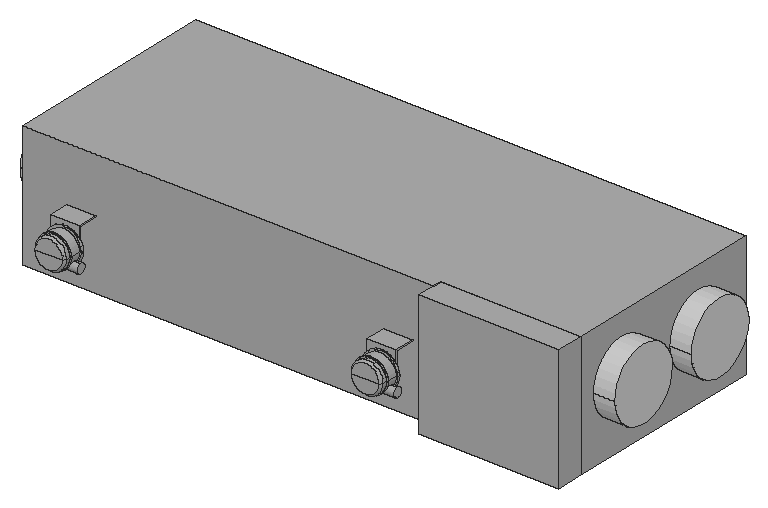
Revit family "BLAUBERG-KOMFORT_EC_DBE_300_Right", category Mechanical Equipment, Revit 2019
Family settings
  Round Connector Dimension = Use Diameter
  Classification = None
  Part Type = Normal
  OmniClass Number = 23.75.35.14
  OmniClass Title = Air Handling Units
  Work Plane-Based = No
  Always vertical = Yes
  Cut with Voids When Loaded = No
  Shared = No
  Room Calculation Point = No
Parameters (values of type "KOMFORT EC DBE 300 R S21")
  Weight = 44.00 kg
  LDrainCon = 28 mm
  Heater power = 1500 W
  Maximum Unit Power Without Electric Heater = 180 W
  Maximum Unit Current Without Electric Heater = 1.4 A
  Maximum Unit Current With Electric Heater = 7.9 A
  Heat Exchanger Material = "polystyrene"
  LDuctCon = 50 mm  # constant formula
  HDrainCon = 31 mm
  H = 280 mm
  Front Maintenance Zone Width = H  # 280 mm
  Front Maintenance Zone Length = L  # 1238 mm
  ElBoxB1 = 22 mm
  ElBoxB = 62 mm
  ElBoxL = 315 mm
  DrainPipe = yes
  DrainD = if(Drain Connection Diameter = 0 mm, 1 mm, Drain Connection Diameter)  # 14 mm
  Drain Flow [instance] = 0.0 L/s
  Drain Connection Diameter = 14 mm
  LDrainCon2 = 440 mm
  LDrainCon1 = 280 mm
  DPS_H = 174 mm
  DPS_L2 = 394 mm
  DPS_L1 = 132 mm
  B2 = 135 mm
  Air Flow Factor [instance] = 1  # constant formula
  B1 = 135 mm
  Air Flow Exhaust [instance] = 0 m³/h
  L = 1238 mm
  Voltage = 230 V
  URL = "https://blaubergventilatoren.de/en/product/komfort-ec-dbe-300-r-s21"
  Type Comments = "Air Handling Unit KOMFORT EC DBE 300 R S21"
  Transported Air Temperature (°C) = "-25…+40"
  Supply Air Filter = "G4 (F7 option)"
  Sound Pressure Level at 3 m (dBA) = 27
  SEC Class = "A"
  RPM (min-1) = 3270
  Power Factor = 1
  Power = Maximum Unit Power Without Electric Heater + Heater power  # 1680 W
  Number of Poles = 1
  Model = "KOMFORT EC DBE 300 R S21"
  Maximum Air Flow = 340 m³/h
  Manufacturer = "Blauberg"
  Maintenance Zone Material = Maintenance Zone
  Front Maintenance Zone Height = 500 mm
  Maintenance Zone [instance] = no
  Load Classification = HVAC
  B = 485 mm
  Heat recovery efficiency (%) = "72..90"
  Heat Exchanger Type = "counter-flow"
  H1 = 128 mm
  Metal Material = Metal Zinc
  Family Version = "1.0"  # constant formula
  Extract Air Filter = "G4"
  Duct Connection Diameter = 160 mm
  Description = "Air Handling Unit"
  D = Duct Connection Diameter  # 160 mm
  Current = Maximum Unit Current With Electric Heater  # 7.9 A
  Copyright = "©Blauberg"
  Casing Material = Painted Steel Gray
  Apparent Power [instance] = Power / Power Factor  # 1680 VA
  Air Flow Supply [instance] = 0 m³/h
Types (2, lengths in mm): name | Heat Exchanger Material | DrainPipe | DrainD | Drain Connection Diameter | URL | Type Comments | Model | Heat recovery efficiency (%)
  KOMFORT EC DBE 300 R S21 | "polystyrene" | yes | 14 | 14 | "https://blaubergventilatoren.de/en/product/komfort-ec-dbe-300-r-s21" | "Air Handling Unit KOMFORT EC DBE 300 R S21" | "KOMFORT EC DBE 300 R S21" | "72..90"
  KOMFORT EC DBE 300-E R S21 | "enthalpy" | no | 1 | 0 | "https://blaubergventilatoren.de/en/product/komfort-ec-dbe-300-e-r-s21" | "Air Handling Unit KOMFORT EC DBE 300-E R S21" | "KOMFORT EC DBE 300-E R S21" | "69..87"
Reference planes
  plane 1 "Center (Front/Back)": y = 0
  plane 2: z = 0
  plane 3 "Center (Left/Right)": x = 0
  plane 4 "Back": y = 242.5
  plane 5 "Front": y = -242.5
  plane 6 "L": x = -619
  plane 7 "R": x = 619
  plane 8 "DuctConB2": y = 107.5
  plane 9 "DuctConB1": y = -107.5
  plane 10: x = -669
  plane 11: x = 669
  plane 12 "Top": z = 128
  plane 13 "Bottom": z = -152
  plane 14 "DrainConH": z = -121
  plane 15 "DrainConL1": x = -339
  plane 16 "DrainConL2": x = 179
  plane 17 "S": y = 270.5
  plane 18 "ElBox": y = -220.5
  plane 19: y = -282.5
  plane 20: x = 304
  plane 21 "DPSL1": x = 225
  plane 22 "DPSL2": x = -487
  plane 23 "DPS_H": z = -46
Forms (mm)
  Extrusion 1, solid, material "Painted Steel Gray" <- "Casing Material", detail levels medium+fine
    sketch origin (0, 0, 0) x (1, 0, 0) y (0, 1, 0)
      loop
        line (-619, 242.5) -> (-619, -242.5) -> (304, -242.5) -> (304, -220.5) -> (619, -220.5) -> (619, 242.5) -> (-619, 242.5)
    from -152 to 128
  Extrusion 2, solid, material "Metal Zinc" <- "Metal Material", detail levels medium+fine
    sketch origin (-619, 0, 0) x (0, 1, 0) y (0, 0, 1)
      loop
        circle (107.5, 0) r 80
      loop
        circle (-107.5, 0) r 80
    from 0 to -50
  Extrusion 3, solid, material "Metal Zinc" <- "Metal Material", detail levels medium+fine
    sketch origin (619, 0, 0) x (0, 1, 0) y (0, 0, 1)
      loop
        circle (107.5, 0) r 80
      loop
        circle (-107.5, 0) r 80
    from 0 to 50
  Extrusion 4, solid, visible <- "DrainPipe", detail levels medium+fine
    sketch origin (0, 242.5, 0) x (-1, 0, 0) y (0, 0, 1)
      loop
        circle (339, -121) r 7
    from 0 to 28
  Extrusion 5, solid, visible <- "DrainPipe", detail levels medium+fine
    sketch origin (0, 242.5, 0) x (-1, 0, 0) y (0, 0, 1)
      loop
        circle (-179, -121) r 7
    from 0 to 28
  Extrusion 6, solid, material "Painted Steel Gray" <- "Casing Material", detail levels medium+fine
    sketch origin (0, 0, 0) x (1, 0, 0) y (0, 1, 0)
      loop
        line (304, -282.5) -> (619, -282.5) -> (619, -220.5) -> (304, -220.5) -> (304, -282.5)
    from -152 to 128
Lines and regions (mm)
  model lines, detail levels coarse
    curve 1: line (-619, 242.5, 0) -> (619, 242.5, 0)
    curve 2: line (-619, -242.5, 0) -> (-619, 242.5, 0)
    curve 3: line (619, -242.5, 0) -> (-619, -242.5, 0)
    curve 4: line (619, 242.5, 0) -> (619, -242.5, 0)
    curve 5: line (-619, 107.5, 0) -> (-669, 107.5, 0)
    curve 6: line (-619, -107.5, 0) -> (-669, -107.5, 0)
    curve 7: line (619, -107.5, 0) -> (669, -107.5, 0)
    curve 8: line (619, 107.5, 0) -> (669, 107.5, 0)
Dimensions and locks
  equal spacing: plane 6 "L", plane 3 "Center (Left/Right)", plane 7 "R"
  "L": plane 6 "L" to plane 7 "R"
  equal spacing: plane 4 "Back", plane 1 "Center (Front/Back)", plane 5 "Front"
  "B": plane 4 "Back" to plane 5 "Front"
  "B2": plane 4 "Back" to plane 8 "DuctConB2"
  "B1": plane 9 "DuctConB1" to plane 5 "Front"
  "LDuctCon": plane 10 to plane 6 "L"
  "LDuctCon": plane 7 "R" to plane 11
  "H1": plane 12 "Top" to level
  "H": plane 12 "Top" to plane 13 "Bottom"
  "HDrainCon": plane 14 "DrainConH" to plane 13 "Bottom"
  "LDrainCon1": plane 6 "L" to plane 15 "DrainConL1"
  "LDrainCon2": plane 16 "DrainConL2" to plane 7 "R"
  "ElBoxL": plane 20 to plane 7 "R"
  "DPS_L1": plane 6 "L" to plane 22 "DPSL2"
  "DPS_L2": plane 21 "DPSL1" to plane 7 "R"
  "DPS_H": plane 12 "Top" to plane 23 "DPS_H"
  "LDrainCon": plane 17 "S" to plane 4 "Back"
  "ElBoxB1": plane 18 "ElBox" to plane 5 "Front"
  "ElBoxB": plane 18 "ElBox" to plane 19
  "D": diameter of Extrusion 2 sketch curve  (x2)
  "D": diameter of Extrusion 3 sketch curve  (x2)
  "DrainD": diameter of Extrusion 4 sketch curve
  "DrainD": diameter of Extrusion 5 sketch curve
  aligned and locked: level to plane 2
  aligned and locked: Extrusion 1 sketch curve to plane 4 "Back"
  aligned and locked: plane 6 "L" to Extrusion 1 sketch curve
  aligned and locked: plane 5 "Front" to Extrusion 1 sketch curve
  aligned and locked: plane 12 "Top" to Extrusion 1
  aligned and locked: Extrusion 1 to plane 13 "Bottom"
  aligned and locked: plane 11 to Extrusion 3
  aligned and locked: Extrusion 2 to plane 10
  aligned and locked: Extrusion 4 to plane 17 "S"
  aligned and locked: Extrusion 5 to plane 17 "S"
  aligned and locked: Extrusion 6 sketch curve to plane 19
  aligned and locked: plane 18 "ElBox" to Extrusion 6 sketch curve
  aligned and locked: Extrusion 6 sketch curve to plane 7 "R"
  aligned and locked: plane 12 "Top" to Extrusion 6
  aligned and locked: Extrusion 6 to plane 13 "Bottom"
  aligned and locked: plane 20 to Extrusion 6 sketch curve
  aligned and locked: nested 1 to plane 3 "Center (Left/Right)"
  aligned and locked: plane 12 "Top" to nested 1
  aligned and locked: curve 3 to Extrusion 1
  aligned and locked: plane 10 to curve 5
  aligned and locked: plane 6 "L" to curve 5
  aligned and locked: plane 8 "DuctConB2" to curve 5
  aligned and locked: plane 10 to curve 6
  aligned and locked: plane 6 "L" to curve 6
  aligned and locked: plane 9 "DuctConB1" to curve 6
  aligned and locked: plane 11 to curve 7
  aligned and locked: plane 7 "R" to curve 7
  aligned and locked: curve 7 to plane 9 "DuctConB1"
  aligned and locked: plane 11 to curve 8
  aligned and locked: curve 8 to plane 8 "DuctConB2"
  aligned and locked: plane 20 to Extrusion 1 sketch curve
  aligned and locked: plane 7 "R" to Extrusion 1 sketch curve
  aligned and locked: Extrusion 1 sketch curve to plane 18 "ElBox"
  aligned and locked: Extrusion 1 sketch curve to plane 20
  aligned and locked: nested 1 to plane 5 "Front"
  aligned and locked: nested 2 to plane 23 "DPS_H"
  aligned and locked: plane 22 "DPSL2" to nested 2
  aligned and locked: nested 3 to plane 23 "DPS_H"
  aligned and locked: plane 21 "DPSL1" to nested 3
Automatic sketch dimensions
  curve 2 to plane 4 "Back" = 0 mm
  Extrusion 2 sketch curve to level = 0 mm  (x2)
  Extrusion 2 sketch curve to plane 9 "DuctConB1" = 0 mm
  Extrusion 2 sketch curve to plane 8 "DuctConB2" = 0 mm
  Extrusion 3 sketch curve to level = 0 mm  (x2)
  Extrusion 3 sketch curve to plane 9 "DuctConB1" = 0 mm
  Extrusion 3 sketch curve to plane 8 "DuctConB2" = 0 mm
  Extrusion 4 sketch curve to plane 14 "DrainConH" = 0 mm
  Extrusion 4 sketch curve to plane 15 "DrainConL1" = 0 mm
  Extrusion 5 sketch curve to plane 14 "DrainConH" = 0 mm
  Extrusion 5 sketch curve to plane 16 "DrainConL2" = 0 mm
Nested families
  nested 1: "MaintenanceZone_Rect" at (0, -742.5, -12) x (-1, 0, 0) z (0, -1, 0), visible <- "Maintenance Zone", type "Side", detail levels medium+fine
    with Maintenance Zone Width 280 mm, Maintenance Zone Length 1238 mm, Maintenance Zone Height 500 mm
  nested 2: "DPS" at (-487, -242.5, -46) x (1, 0, 0) z (0, -1, 0), type "DPS", detail levels medium+fine
  nested 3: "DPS" at (225, -242.5, -46) x (1, 0, 0) z (0, -1, 0), type "DPS", detail levels medium+fine
Connectors
  electrical at (619, -251.5, -12), driven by "Number of Poles", driven by "Load Classification", driven by "Voltage", driven by "Apparent Power", driven by "Power Factor"
    settings: on Extrusion 6, index 1, voltage 230 V, apparent load 1680 VA, apparent load phase1 0 VA, apparent load phase2 0 VA, apparent load phase3 0 VA, power factor 1, load classification "HVAC", number of poles 1, system type 30, power factor state 1, is connector primary yes, connector utility no, sub classification motor no, connector description ""
  hvac at (669, -107.5, 0), driven by "Duct Connection Diameter", driven by "Air Flow Supply"
    settings: on Extrusion 3, index 2, duct flow 0 m³/h, flow factor 0, pres drop 0.0 Pa, loss coef 0, conn angle 0.00°, conn width 304.8 mm, conn height 304.8 mm, conn diameter 160 mm, duct sys type 3, conn prof type 0, flow config 0, flow direction 1, loss method 0, conn ref index -1, conn util no, is conn primary yes, conn desc "Extract Air"
  hvac at (669, 107.5, 0), driven by "Duct Connection Diameter", driven by "Air Flow Exhaust"
    settings: on Extrusion 3, index 3, duct flow 0 m³/h, flow factor 0, pres drop 0.0 Pa, loss coef 0, conn angle 0.00°, conn width 304.8 mm, conn height 304.8 mm, conn diameter 160 mm, duct sys type 1, conn prof type 0, flow config 0, flow direction 2, loss method 0, conn ref index -1, conn util no, is conn primary no, conn desc "Supply Air"
  hvac at (-669, 107.5, 0), driven by "Duct Connection Diameter", driven by "Air Flow Supply"
    settings: on Extrusion 2, index 4, duct flow 0 m³/h, flow factor 0, pres drop 0.0 Pa, loss coef 0, conn angle 0.00°, conn width 304.8 mm, conn height 304.8 mm, conn diameter 160 mm, duct sys type 3, conn prof type 0, flow config 1, flow direction 2, loss method 0, conn ref index -1, conn util no, is conn primary no, conn desc "Exhaust Air"
  hvac at (-669, -107.5, 0), driven by "Duct Connection Diameter", driven by "Air Flow Exhaust"
    settings: on Extrusion 2, index 5, duct flow 0 m³/h, flow factor 0, pres drop 0.0 Pa, loss coef 0, conn angle 0.00°, conn width 304.8 mm, conn height 304.8 mm, conn diameter 160 mm, duct sys type 1, conn prof type 0, flow config 1, flow direction 1, loss method 0, conn ref index -1, conn util no, is conn primary no, conn desc "Intake Air"
  piping at (-339, 270.5, -121), diameter 14, driven by "Drain Connection Diameter", driven by "Drain Flow"
    settings: on Extrusion 4, index 6, connector inside diameter 609.6 mm, connector length 0 mm, flow factor 0, pipe flow 0.0 L/s, pressure drop 0.0 Pa, fitting loss kfactor 0, connector angle 0.00°, fixture units 0, engagement length 0 mm, angle of deflection 0.00°, flow configuration 1, flow direction 2, fitting loss method 0, system type 16, joint type 0, gender type 0, connector reference index -1, connector utility 0, adjustable connector no, is connector primary yes, connector description ""
  piping at (179, 270.5, -121), diameter 14, driven by "Drain Connection Diameter", driven by "Drain Flow"
    settings: on Extrusion 5, index 7, connector inside diameter 609.6 mm, connector length 0 mm, flow factor 0, pipe flow 0.0 L/s, pressure drop 0.0 Pa, fitting loss kfactor 0, connector angle 0.00°, fixture units 0, engagement length 0 mm, angle of deflection 0.00°, flow configuration 1, flow direction 2, fitting loss method 0, system type 16, joint type 0, gender type 0, connector reference index -1, connector utility 0, adjustable connector no, is connector primary no, connector description ""
Definition of nested family "MaintenanceZone_Rect"
  Parameters (values of type "MaintenanceZone_Rect")
    Maintenance Zone Width = 500 mm
    Material = none
    Maintenance Zone Length = 1000 mm
    Maintenance Zone Height = 300 mm
    Family Version = ""
    Default Elevation = 1219.2 mm
    Copyright = ""
  Reference planes
    plane 1 "Center (Front/Back)": y = 0
    plane 2: z = 0
    plane 3 "Center (Left/Right)": x = 0
    plane 4: x = -500
    plane 5: x = 500
    plane 6: y = 250
    plane 7: y = -250
    plane 8: z = -300
  Forms (mm)
    Extrusion 1, solid, material <- "Material", detail levels medium+fine
      sketch origin (0, 0, 0) x (1, 0, 0) y (0, 1, 0)
        loop
          line (-500, 250) -> (-500, -250) -> (500, -250) -> (500, 250) -> (-500, 250)
      from 0 to -300
  Lines and regions (mm)
    symbolic lines, detail levels medium+fine
      curve 1: line (-500, 0, 0) -> (500, 0, 0)
      curve 2: line (-500, 0, -300) -> (-500, 0, 0)
      curve 3: line (500, 0, -300) -> (-500, 0, -300)
      curve 4: line (500, 0, 0) -> (500, 0, -300)
      curve 5: line (0, 250, 0) -> (0, -250, 0)
      curve 6: line (0, 250, -300) -> (0, 250, 0)
      curve 7: line (0, -250, -300) -> (0, 250, -300)
      curve 8: line (0, -250, 0) -> (0, -250, -300)
      curve 9: line (-500, 250, 0) -> (500, 250, 0)
      curve 10: line (-500, -250, 0) -> (-500, 250, 0)
      curve 11: line (500, -250, 0) -> (-500, -250, 0)
      curve 12: line (500, 250, 0) -> (500, -250, 0)
  Dimensions and locks
    equal spacing: plane 6, plane 1 "Center (Front/Back)", plane 7
    equal spacing: plane 4, plane 3 "Center (Left/Right)", plane 5
    "Maintenance Zone Width": plane 6 to plane 7
    "Maintenance Zone Length": plane 4 to plane 5
    "Maintenance Zone Height": plane 2 to plane 8
    aligned and locked: level to plane 2
    aligned and locked: Extrusion 1 sketch curve to plane 6
    aligned and locked: plane 4 to Extrusion 1 sketch curve
    aligned and locked: plane 7 to Extrusion 1 sketch curve
    aligned and locked: Extrusion 1 sketch curve to plane 5
    aligned and locked: Extrusion 1 to plane 8
    aligned and locked: curve 1 to Extrusion 1
    aligned and locked: curve 2 to Extrusion 1
    aligned and locked: curve 3 to Extrusion 1
    aligned and locked: curve 4 to Extrusion 1
    aligned and locked: curve 5 to Extrusion 1
    aligned and locked: curve 6 to Extrusion 1
    aligned and locked: curve 7 to Extrusion 1
    aligned and locked: curve 8 to Extrusion 1
    aligned and locked: curve 9 to Extrusion 1
    aligned and locked: curve 10 to Extrusion 1
    aligned and locked: curve 11 to Extrusion 1
    aligned and locked: curve 12 to Extrusion 1
Definition of nested family "DPS"
  Parameters (values of type "DPS")
    W1 = 65 mm
    Thikness = 2 mm
    Material = none
    H1 = 47 mm
    Default Elevation = 1219.2 mm
  Reference planes
    plane 1 "Center (Front/Back)": y = 0
    plane 2: z = 0
    plane 3 "Center (Left/Right)": x = 0
    plane 4: z = 47
    plane 5: z = 51.5
    plane 6: z = 75.5
    plane 7: z = 78
    plane 8: z = 92
    plane 9: z = 86
    plane 10: x = -32.5
    plane 11: x = 32.5
    plane 12 "1": y = 50
    plane 13: y = 48
    plane 14: z = 45
    plane 15 "2": y = -22
    plane 16: z = 64
  Forms (mm)
    Revolve 1, solid, material <- "Material"
      sketch origin (0, 0, 0) x (1, 0, 0) y (0, 0, 1)
        loop
          line (-40.5, 47) -> (0, 47) -> (0, 92) -> (-31, 92) -> (-35, 86) -> (-35, 78) -> (-37.309, 78) -> (-37.309, 75.5) -> (-36, 75.5) -> (-36, 51.5) -> (-40.5, 51.5) -> (-40.5, 47)
        axis (0, 92) -> (0, 47)
      angle from 0 to 360
    Extrusion 2, solid, material <- "Material"
      sketch origin (0, 0, 0) x (0, 1, 0) y (0, 0, 1)
        loop
          line (50, 0) -> (50, 47) -> (0, 47) -> (0, 45) -> (48, 45) -> (48, 0) -> (50, 0)
      from -32.5 to 32.5
    Extrusion 3, solid, material <- "Material"
      sketch origin (0, 0, 0) x (0, 1, 0) y (0, 0, 1)
        loop
          circle (-22, 64) r 10
      from 0 to 50
  Cuts and joins
    joined: Revolve 1, Extrusion 3
  Dimensions and locks
    locked: plane 5 to plane 4 at 4.5
    locked: plane 6 to plane 5 at 24
    locked: plane 7 to plane 6 at 2.5
    locked: plane 8 to plane 9 at 6
    locked: plane 9 to plane 7 at 8
    "H1": plane 4 to level
    equal spacing: plane 11, plane 3 "Center (Left/Right)", plane 10
    "W1": plane 11 to plane 10
    "Thikness": plane 4 to plane 14
    "Thikness": plane 12 "1" to plane 13
    locked: plane 1 "Center (Front/Back)" to plane 12 "1" at 50
    locked: plane 15 "2" to plane 1 "Center (Front/Back)" at 22
    plane 16 to plane 4 = 17 mm
    aligned and locked: level to plane 2
    aligned and locked: Revolve 1 sketch curve to plane 3 "Center (Left/Right)"  (x2)
    aligned and locked: plane 6 to Revolve 1 sketch curve
    aligned and locked: plane 7 to Revolve 1 sketch curve
    aligned and locked: plane 5 to Revolve 1 sketch curve
    aligned and locked: plane 8 to Revolve 1 sketch curve
    aligned and locked: Extrusion 2 sketch curve to plane 13
    aligned and locked: plane 14 to Extrusion 2 sketch curve
    aligned and locked: Extrusion 2 sketch curve to plane 1 "Center (Front/Back)"
    aligned and locked: Extrusion 2 to plane 10
    aligned and locked: plane 11 to Extrusion 2
  Automatic sketch dimensions
    Revolve 1 sketch curve to plane 4 = 0 mm
    Revolve 1 sketch curve to plane 9 = 0 mm
    Revolve 1 sketch curve to plane 3 "Center (Left/Right)" = 31 mm
    Revolve 1 sketch curve to Revolve 1 sketch curve = 4 mm
    Revolve 1 sketch curve to Revolve 1 sketch curve = 1 mm
    Revolve 1 sketch curve to Revolve 1 sketch curve = 1.309 mm
    Revolve 1 sketch curve to Revolve 1 sketch curve = 4.5 mm
    Revolve 1 sketch curve to Revolve 1 sketch curve = 27.818 mm
    Revolve 1 sketch curve to Revolve 1 sketch curve = 2.182 mm
    Extrusion 2 sketch curve to level = 0 mm
    Extrusion 2 sketch curve to plane 12 "1" = 0 mm
    Extrusion 2 sketch curve to plane 4 = 0 mm
    Extrusion 3 sketch curve to plane 15 "2" = 0 mm
    Extrusion 3 sketch curve to plane 16 = 0 mm
    radius of Extrusion 3 sketch curve = 10 mm
